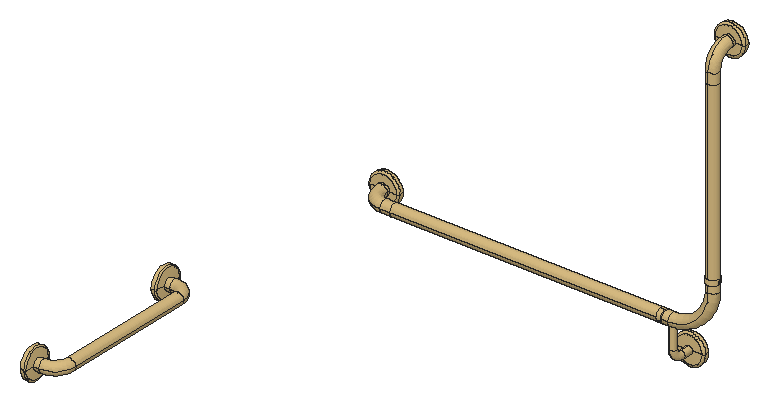
Revit family "RBA4805-345", category Plumbing Fixtures, Revit 2021
Family settings
  Round Connector Dimension = Use Diameter
  Part Type = Normal
  Work Plane-Based = No
  Always vertical = No
  Cut with Voids When Loaded = No
  Shared = No
  Room Calculation Point = No
Parameters
  Watermarked By = "www.rba.com.au"
  URL = "rba.com.au/product-category/accessible-disabled/grab-rails/"
  Phone Number = "1300 788 778"
  OFFSET = 800.00 mm
  Model = "RBA4805-345"
  Materials and Finishes = PVD Brushed Brass Stainless Steel
  Manufacturer Model = ""
  Manufacturer = "RBA Group"
  Distance Away from Wall [instance] = 100.00 mm
  Distance Away from Toilet [instance] = 1090.00 mm
  Description = "LH Accessible Rail + 450mm Straight Kit | Brushed Brass"
  Default Elevation = 0.00 mm
  Copyrighted by = "RBA Group"  # constant formula
  Assembly Code = ""
Reference planes
  plane 1 "Center (Front/Back)": y = 0
  plane 2: z = 0
  plane 3: x = 40.5
  plane 4: z = 800
  plane 5: z = 1500
  plane 6: x = -59.5
  plane 7: z = 700
  plane 8: x = -909.5
  plane 9: x = -1009.5
  plane 10: y = -54
  plane 11: y = -86
  plane 12: y = -1090
  plane 13: y = -1074
  plane 14: x = -954.5
  plane 15: x = -922.5
  plane 16: z = 816
  plane 17: x = 24.5
Dimensions and locks
  "OFFSET": plane 4 to plane 2
  plane 10 to plane 1 "Center (Front/Back)" = 54.00 mm
  plane 1 "Center (Front/Back)" to plane 11 = 86.00 mm
  "Distance Away from Wall": plane 9 to plane 8
  locked: plane 13 to plane 12 at 16
  "Distance Away from Toilet": plane 1 "Center (Front/Back)" to plane 12
Nested families
  nested 1: "RBA4805-901" at (-933, 0, 800), type "RBA4805-901"
  nested 2: "RBA4805-Straight-Series" at (-1009.5, -1074, 800) x (0, 1, 0) z (0, 0, 1), type "RBA4805-045"
Definition of nested family "RBA4805-901"
  Parameters (values of type "RBA4805-901")
    Watermarked By = "www.rba.com.au"
    URL = "www.rba.com.au"
    R_Void [instance] = 15.00 mm
    R [instance] = 0.00 mm
    Phone Number = ""
    Modified Issue = ""
    Model = "RBA4805-901"
    Materials and Finishes = none
    Manufacturer Model = ""
    Manufacturer = "RBA Group"
    Description = "RTA Brushed Brass Left Hand Single Wall 90° Rail"
    Default Elevation = 0.00 mm
    Copyrighted by = "RBA Group"  # constant formula
    Assembly Code = ""
  Reference planes
    plane 1 "Center (Front/Back)": y = 0
    plane 2: z = 0
    plane 3: x = 40.5
    plane 4: x = 990.5
    plane 5: x = 515.5
    plane 6: z = 700
    plane 7: x = 835.5
    plane 8: z = -100
    plane 9: x = 974.5
    plane 10: z = 16
    plane 11: y = -70
    plane 12: y = -86
    plane 13: y = -54
    plane 14: y = -79.5
    plane 15: y = -60.5
    plane 16: z = -130
    plane 17: z = -70
    plane 18: x = 910.5
    plane 19: x = 850.5
    plane 20: z = -30
    plane 21: z = 30
    plane 22: x = 70.5
    plane 23: x = 10.5
    plane 24: z = 670
    plane 25: z = 730
    plane 26: x = 960.5
    plane 27: x = 1020.5
  Forms (mm)
    Revolve 1, solid, material <- "Materials and Finishes"
      sketch origin (40.5, 18.663, 0) x (0, -1, 0) y (1, 0, 0)
        loop
          line (18.663, 0) -> (18.663, -41.5) -> (27.844, -41.5)
          arc (27.844, -41.5) -> (31.337, -40.077) -> (32.842, -36.617) r 5
          line (32.842, -36.617) -> (33.701, 0) -> (18.663, 0)
        axis (18.663, 0) -> (33.701, 0)
      angle from 0 to 360
    Sweep 2, solid, material <- "Materials and Finishes"
      path origin (40.5, 12.454, 0) x (0, -1, 0) y (-1, 0, 0)
        loop
          line (12.454, 0) -> (34.454, 0)
          arc (34.454, 0) -> (68.395, -14.059) -> (82.454, -48) r 48
          line (82.454, -48) -> (82.454, -76)
      profile origin (40.5, -11, 0) x (1, 0, 0) y (0, 0, 1)
        loop
          circle (0, 0) r 16
    Sweep 3, solid, material <- "Materials and Finishes"
      path origin (1690.5, 12.454, 700) x (0, -1, 0) y (0, 0, 1)
        loop
          line (12.454, 0) -> (34.454, 0)
          arc (34.454, 0) -> (68.395, -14.059) -> (82.454, -48) r 48
          line (82.454, -48) -> (82.454, -76)
      profile origin (1690.5, -11, 700) x (0, 0, 1) y (-1, 0, 0)
        loop
          circle (0, 700) r 16
    Revolve 4, solid, material <- "Materials and Finishes"
      sketch origin (990.5, 18.663, 700) x (0, -1, 0) y (1, 0, 0)
        loop
          line (18.663, 0) -> (33.701, 0) -> (32.842, 36.617)
          arc (32.842, 36.617) -> (31.337, 40.077) -> (27.844, 41.5) r 5
          line (27.844, 41.5) -> (18.663, 41.5) -> (18.663, 0)
        axis (18.663, 0) -> (33.701, 0)
      angle from 0 to 360
    Sweep 5, solid, material <- "Materials and Finishes"
      path origin (0, 0, 0) x (1, 0, 0) y (0, 0, 1)
        loop
          line (116.5, 0) -> (880.5, 0)
          arc (880.5, 0) -> (958.282, 32.218) -> (990.5, 110) r 110
          line (990.5, 110) -> (990.5, 624)
      profile origin (498.5, 0, 0) x (0, 0, 1) y (0, -1, 0)
        loop
          circle (0, 70) r 16
    Revolve 6, solid, material <- "Materials and Finishes"
      sketch origin (880.5, 18.663, -100) x (0, -1, 0) y (1, 0, 0)
        loop
          line (18.663, 0) -> (18.663, -41.5) -> (27.844, -41.5)
          arc (27.844, -41.5) -> (31.337, -40.077) -> (32.842, -36.617) r 5
          line (32.842, -36.617) -> (33.701, 0) -> (18.663, 0)
        axis (18.663, 0) -> (33.701, 0)
      angle from 0 to 360
    Sweep 7, solid, material <- "Materials and Finishes"
      path origin (880.5, 12.454, -100) x (0, -1, 0) y (0, 0, -1)
        loop
          line (12.454, 0) -> (54.454, 0)
          arc (54.454, 0) -> (74.253, -8.201) -> (82.454, -28) r 28
          line (82.454, -28) -> (82.454, -100)
      profile origin (880.5, -21, -100) x (0, 0, -1) y (1, 0, 0)
        loop
          circle (0, 0) r 9.5
    Extrusion 8, solid, material <- "Materials and Finishes"
      sketch origin (0, 0, 0) x (1, 0, 0) y (0, 1, 0)
        loop
          circle (990.5, -70) r 17
      from 142 to 130
    Extrusion 9, solid, material <- "Materials and Finishes"
      sketch origin (650.5, 0, 990.5) x (0, 0, -1) y (0, 1, 0)
        loop
          circle (990.5, -70) r 17
      from 210 to 198
    Extrusion 10, solid, material <- "Materials and Finishes"
      sketch origin (788.405, -2.628, 220.6) x (0, 0, -1) y (-1, 0, 0)
        loop
          circle (320.6, -92.095) r 40
      from -0.219 to 2.628
    Extrusion 11, void
      sketch origin (880.5, 34.941, 215.907) x (0, 0, -1) y (-1, 0, 0)
        loop
          circle (315.907, -30) r 5
        loop
          circle (315.907, 30) r 5
      from -37.788 to -30
    Extrusion 12, solid, material <- "Materials and Finishes"
      sketch origin (-161.743, -2.628, 357.783) x (0, 0, -1) y (-1, 0, 0)
        loop
          circle (357.783, -202.243) r 40
      from -0.219 to 2.628
    Extrusion 13, void
      sketch origin (40.5, 34.941, 315.907) x (0, 0, -1) y (-1, 0, 0)
        loop
          circle (315.907, -30) r 5
        loop
          circle (315.907, 30) r 5
      from -37.788 to -30
    Extrusion 14, solid, material <- "Materials and Finishes"
      sketch origin (874.118, -2.628, 1036.108) x (0, 0, -1) y (-1, 0, 0)
        loop
          circle (336.108, -116.382) r 40
      from -0.219 to 2.628
    Extrusion 15, void
      sketch origin (990.5, 34.941, 1015.907) x (0, 0, -1) y (-1, 0, 0)
        loop
          circle (315.907, 30) r 5
        loop
          circle (315.907, -30) r 5
      from -37.788 to -30
  Cuts and joins
    Extrusion 11, Extrusion 13, Extrusion 15 cuts Revolve 1
    Extrusion 11, Extrusion 13, Extrusion 15 cuts Sweep 2
    Extrusion 11, Extrusion 13, Extrusion 15 cuts Sweep 3
    Extrusion 11, Extrusion 13, Extrusion 15 cuts Revolve 4
    Extrusion 11, Extrusion 13, Extrusion 15 cuts Sweep 5
    Extrusion 11, Extrusion 13, Extrusion 15 cuts Revolve 6
    Extrusion 11, Extrusion 13, Extrusion 15 cuts Sweep 7
    joined: Revolve 1, Sweep 2, Sweep 3, Revolve 4, Sweep 5, Revolve 6, Sweep 7
    Extrusion 11 cuts Extrusion 10
    Extrusion 13 cuts Extrusion 12
    Extrusion 15 cuts Extrusion 14
  Dimensions and locks
    Revolve 1 sketch curve to Revolve 1 sketch curve = 41.50 mm
    Revolve 4 sketch curve to Revolve 4 sketch curve = 41.50 mm
    Revolve 6 sketch curve to Revolve 6 sketch curve = 41.50 mm
    level to plane 8 = 100.00 mm
    plane 6 to level = 700.00 mm
    plane 4 to plane 7 = 155.00 mm
    plane 4 to plane 3 = 950.00 mm
    plane 17 to plane 16 = 60.00 mm
    plane 19 to plane 18 = 60.00 mm
    plane 21 to plane 20 = 60.00 mm
    plane 23 to plane 22 = 60.00 mm
    plane 25 to plane 24 = 60.00 mm
    plane 26 to plane 27 = 60.00 mm
    radius of Sweep 2 sketch curve = 16.00 mm
    radius of Sweep 3 sketch curve = 16.00 mm
    radius of Sweep 7 sketch curve = 9.50 mm
Definition of nested family "RBA4805-Straight-Series"
  Parameters (values of type "RBA4805-060")
    Watermarked By = "www.rba.com.au"
    URL = "www.rba.com.au"
    Phone Number = ""
    OFFSET [instance] = 800.00 mm
    Modified Issue = ""
    Model = "RBA4805-Straight-Series"
    Materials & Finishes = none
    Manufacturer = "RBA Group"  # constant formula
    Lgth = 600.00 mm
    Diameter = 32.00 mm
    Description = "RTA Brushed Brass Straight Grabrail"
    Default Elevation = 0.00 mm
    Copyright by = "RBA Group"  # constant formula
  Types (9, lengths in mm): name | URL | Phone Number | Modified Issue | Model | Lgth | Description
    RBA4805-030 | "www.rba.com.au" | "" | "20190510.1" | "RBA4000-030" | 300.00 | "Straight Grab Rail 300mm"
    RBA4805-045 | "www.rba.com.au" | "" | "20191004.01" | "RBA4000-045" | 450.00 | "Straight Grab Rail 450mm"
    RBA4805-060 | "www.rba.com.au" | "" | "" | "RBA4805-Straight-Series" | 600.00 | "RTA Brushed Brass Straight Grabrail"
    RBA4805-070 | "www.rba.com.au" | "" | "20191004.01" | "RBA4000-075" | 700.00 | "Straight Grab Rail 750mm"
    RBA4805-090 | "www.rba.com.au" | "" | "20191004.01" | "RBA4000-090" | 900.00 | "Straight Grab Rail 900mm"
    RBA4805-080 | "http://www.rba.com.au/accessible-disabled/grab-rails" | "1300 788 778" | "20191004.01" | "RBA4000-080" | 800.00 | "Straight Grab Rail 800mm"
    RBA4805-100 | "http://www.rba.com.au/accessible-disabled/grab-rails" | "1300 788 778" | "20191004.01" | "RBA4000-100" | 1000.00 | "Straight Grab Rail 1000mm"
    RBA4805-120 | "http://www.rba.com.au/accessible-disabled/grab-rails" | "1300 788 778" | "20191004.01" | "RBA4000-120" | 1200.00 | "Straight Grab Rail 1200mm"
    RBA4805-040 | "www.rba.com.au" | "" | "20191108.1" | "RBA4000-040" | 400.00 | "Straight Grab Rail 400mm"
  Reference planes
    plane 1 "Center (Front/Back)": y = 0
    plane 2: z = 0
    plane 3 "Center (Left/Right)": x = 0
    plane 4: x = 0
    plane 5: x = 0
    plane 6: y = -57
    plane 7: y = -89
    plane 8: x = 600
    plane 9: z = 16
    plane 10: z = -16
  Forms (mm)
    Sweep 1, solid, material <- "Materials & Finishes"
      path origin (-273.954, -750, 0) x (0, -1, 0) y (1, 0, 0)
        loop
          line (-740, 873.954) -> (-719, 873.954)
          arc (-719, 873.954) -> (-690.716, 862.239) -> (-679, 833.954) r 40
          line (-679, 833.954) -> (-679, 313.954)
          arc (-679, 313.954) -> (-690.716, 285.67) -> (-719, 273.954) r 40
          line (-719, 273.954) -> (-740, 273.954)
      profile origin (300, -71, 0) x (0, -1, 0) y (0, 0, 1)
        loop
          circle (0, 0) r 16
    Extrusion 2, solid, material <- "Materials & Finishes"
      sketch origin (62.5, -2.628, -315.907) x (0, 0, 1) y (1, 0, 0)
        loop
          circle (315.907, -62.5) r 40
      from -0.206 to 2.628
    Revolve 3, solid, material <- "Materials & Finishes"
      sketch origin (62.5, 18.663, 0) x (-1, 0, 0) y (0, -1, 0)
        loop
          line (62.5, 18.663) -> (104, 18.663) -> (104, 28.968)
          arc (104, 28.968) -> (103.207, 31.014) -> (101.243, 31.992) r 3.037
          arc (101.243, 31.992) -> (81.892, 33.334) -> (62.5, 33.781) r 420.249
          line (62.5, 33.781) -> (62.5, 18.663)
        axis (62.5, 18.663) -> (62.5, 33.781)
      angle from 0 to 360
    Extrusion 4, void
      sketch origin (62.704, 34.941, -270.785) x (-0.515038, 0, 0.857167) y (0.857167, 0, 0.515038)
        loop
          circle (248.952, 111.432) r 4.75
        loop
          circle (279.854, 60.002) r 4.75
      from -37.775 to -34.941
    Extrusion 5, solid, material <- "Materials & Finishes"
      sketch origin (237.5, -2.628, -315.907) x (0, 0, 1) y (1, 0, 0)
        loop
          circle (315.907, 362.5) r 40
      from -0.206 to 2.628
    Revolve 6, solid, material <- "Materials & Finishes"
      sketch origin (237.5, 18.663, 0) x (-1, 0, 0) y (0, -1, 0)
        loop
          line (-362.5, 18.663) -> (-362.5, 33.781)
          arc (-362.5, 33.781) -> (-381.892, 33.334) -> (-401.243, 31.992) r 420.249
          arc (-401.243, 31.992) -> (-403.207, 31.014) -> (-404, 28.968) r 3.037
          line (-404, 28.968) -> (-404, 18.663) -> (-362.5, 18.663)
        axis (-362.5, 18.663) -> (-362.5, 33.781)
      angle from 0 to 360
    Extrusion 7, void
      sketch origin (362.704, 34.941, -270.785) x (-0.515038, 0, 0.857167) y (0.857167, 0, 0.515038)
        loop
          circle (125.343, 317.152) r 4.75
        loop
          circle (94.441, 368.582) r 4.75
      from -37.775 to -34.941
  Cuts and joins
    Extrusion 7 cuts Sweep 1
    Extrusion 4, Extrusion 7 cuts Extrusion 2
    Extrusion 4, Extrusion 7 cuts Revolve 3
    Extrusion 7 cuts Extrusion 5
    Extrusion 7 cuts Revolve 6
    joined: Sweep 1, Extrusion 2, Revolve 3, Extrusion 5, Revolve 6
  Dimensions and locks
    "Lgth": plane 3 "Center (Left/Right)" to plane 8
    radius of Sweep 1 sketch curve = 16.00 mm
    aligned and locked: level to plane 2
    aligned and locked: Revolve 3 to Extrusion 2
    aligned and locked: Extrusion 2 to Extrusion 4
    aligned and locked: Revolve 6 to Extrusion 5
  Automatic sketch dimensions
    Sweep 1 sketch curve to plane 8 = 0.00 mm
    Sweep 1 sketch curve to plane 3 "Center (Left/Right)" = 0.00 mm
    plane 6 to Sweep 1 sketch curve = 26.00 mm  (x2)
    Sweep 1 sketch curve to plane 6 = 14.00 mm
    plane 1 "Center (Front/Back)" to Sweep 1 sketch curve = 10.00 mm  (x2)
    Sweep 1 sketch curve to profile plane = 0.00 mm  (x2)
    Extrusion 2 sketch curve to level = 0.00 mm
    Extrusion 2 sketch curve to plane 3 "Center (Left/Right)" = 0.00 mm
    plane 1 "Center (Front/Back)" to Revolve 3 sketch curve = 0.00 mm
    Revolve 3 sketch curve to plane 3 "Center (Left/Right)" = 0.00 mm  (x2)
    plane 1 "Center (Front/Back)" to Revolve 3 sketch curve = 10.305 mm
    Revolve 3 sketch curve to plane 3 "Center (Left/Right)" = 38.463 mm
    Revolve 3 sketch curve to Revolve 3 sketch curve = 3.037 mm
    Revolve 3 sketch curve to plane 1 "Center (Front/Back)" = 405.131 mm
    Revolve 3 sketch curve to Revolve 3 sketch curve = 15.118 mm
    Revolve 3 sketch curve to plane 1 "Center (Front/Back)" = 21.537 mm
    Revolve 3 sketch curve to Revolve 3 sketch curve = 0.00 mm
    plane 6 to Revolve 3 sketch curve = 13.537 mm
    Extrusion 5 sketch curve to level = 0.00 mm
    plane 8 to Extrusion 5 sketch curve = 0.00 mm
    plane 1 "Center (Front/Back)" to Revolve 6 sketch curve = 0.00 mm
    Revolve 6 sketch curve to plane 8 = 0.00 mm  (x2)
    plane 1 "Center (Front/Back)" to Revolve 6 sketch curve = 10.305 mm
    Revolve 6 sketch curve to plane 8 = 38.463 mm
    Revolve 6 sketch curve to Revolve 6 sketch curve = 3.037 mm
    Revolve 6 sketch curve to plane 1 "Center (Front/Back)" = 405.131 mm
    Revolve 6 sketch curve to Revolve 6 sketch curve = 15.118 mm
    Revolve 6 sketch curve to plane 1 "Center (Front/Back)" = 21.537 mm
    Revolve 6 sketch curve to Revolve 6 sketch curve = 0.00 mm
    plane 6 to Revolve 6 sketch curve = 13.537 mm
    Extrusion 7 sketch curve to level = 0.00 mm  (x2)
    Extrusion 7 sketch curve to plane 8 = 30.00 mm
    Extrusion 7 sketch curve to Extrusion 7 sketch curve = 30.902 mm
    Extrusion 4 sketch curve to level = 0.00 mm  (x2)
    plane 3 "Center (Left/Right)" to Extrusion 4 sketch curve = 30.00 mm
    Extrusion 4 sketch curve to Extrusion 4 sketch curve = 30.902 mm
    radius of Extrusion 2 sketch curve = 40.00 mm
    radius of Extrusion 5 sketch curve = 40.00 mm
    radius of Extrusion 7 sketch curve = 4.75 mm  (x2)
    radius of Extrusion 4 sketch curve = 4.75 mm  (x2)
